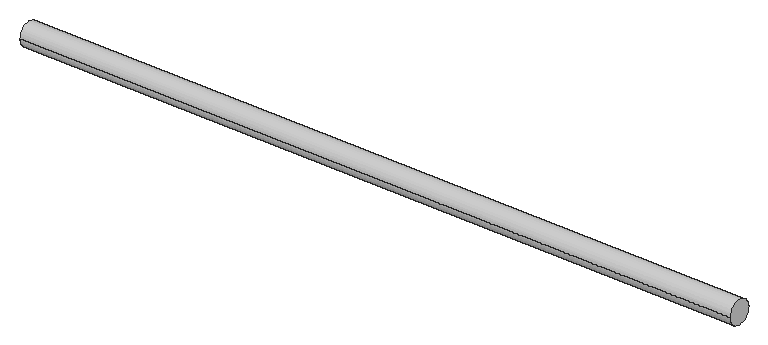
Revit family "M_Barras redondas", category Quadro estrutural, Revit 2019
Family settings
  Arredondamento do comprimento do framing estrutural = 0.10 mm
  Forma do corte = Barra redonda
  Material para o comportamento do modelo = Aço
  Exportar sempre como geometria = Não
  Family Name Key = M_Round Bars
  Número OmniClass = 23.25.30.11.14.14
  Título OmniClass = Beams
  ID de item do Seek = M_Round Bar-0000-USA-ENU
  Sempre na vertical = Sim
  Corte com vazios quando carregada = Não
  Representação simbólica = Das configurações de projeto
  Compartilhado = Não
  Exibir o pré-corte da família na vista da planta = Sim
Parameters (values of type "RB38.1")
  Torsional Moment of Inertia = 0 cm⁴
  Torsional Modulus = 0.0 mm³
  Structural Material [instance] = Aço ASTM A36
  Chave do nome do corte = "RB 1 1/2"
  Section Area = 1140.1 mm²
  Plastic Modulus weak axis = 9218.0 mm³
  Plastic Modulus strong axis = 9218.0 mm³
  Perimeter = 0.3937 (stored number, unit not read)
  Nominal Weight = 0 N/m
  Moment of Inertia weak axis = 10.344 cm⁴
  Moment of Inertia strong axis = 10.344 cm⁴
  Length [instance] = 1500.00 mm
  Elastic Modulus weak axis = 5430.0 mm³
  Elastic Modulus strong axis = 5430.0 mm³
  Diameter = 38.10 mm
  Centroid Vertical = Diameter / 2  # 19.05 mm
  Centroid Horizontal = Diameter / 2  # 19.05 mm
  Código de montagem = "B10"
Reference planes
  plane 1 "Centro (Frente/Trás)": y = 0
  plane 2: z = 0
  plane 3 "Centro (Esquerda/Direita)": x = 4.61
  plane 4 "Membro esquerdo": x = -604.99
  plane 5 "Membro direito": x = 614.21
  plane 6: y = 19.05
  plane 7: y = -19.05
  plane 8 "Superior": z = 19.05
  plane 9: z = -19.05
  plane 10 "Esquerda": x = -757.39
  plane 11 "Direita": x = 742.61
Forms (mm)
  Extrusion 1, solid, material "Aço ASTM A36" <- "Structural Material", detail levels medium+fine
    sketch origin (-757.39, 0, 0) x (0, -1, 0) y (0, 0, 1)
      loop
        circle (0, 0) r 19.05
    from -1371.6 to -152.4
Lines and regions (mm)
  symbolic lines, style "Símbolos de vara", detail levels coarse
    curve 1: arc (0, 19.05, 0) -> (0, 0, -19.05) -> (0, -19.05, 0) r 19.05
    curve 2: arc (0, -19.05, 0) -> (0, 0, 19.05) -> (0, 19.05, 0) r 19.05
Dimensions and locks
  "Diameter": plane 6 to plane 7
  "Diameter": plane 9 to plane 8 "Superior"
  equal spacing: plane 9, plane 2, plane 8 "Superior"
  equal spacing: plane 6, plane 1 "Centro (Frente/Trás)", plane 7
  "Length": plane 10 "Esquerda" to plane 11 "Direita"
  "Diameter": diameter of Extrusion 1 sketch curve
  aligned and locked: plane 1 "Centro (Frente/Trás)" to Extrusion 1 sketch curve
  aligned and locked: plane 2 to Extrusion 1 sketch curve
  aligned and locked: Extrusion 1 to plane 5 "Membro direito"
  aligned and locked: plane 4 "Membro esquerdo" to Extrusion 1
Automatic sketch dimensions
  curve 1 to level = 0.00 mm  (x2)
  curve 1 to plane 7 = 0.00 mm
  curve 1 to plane 1 "Centro (Frente/Trás)" = 0.00 mm
  curve 1 to curve 2 = 0.00 mm
  curve 2 to level = 0.00 mm
Types in the file's own list only (191): name | Momento de inércia de torção | Módulo de torção | Chave do nome do corte | Área de corte | Eixo fraco do módulo plástico | Eixo forte do módulo plástico | Perímetro | Peso nominal | Eixo fraco do momento de inércia | Eixo forte do momento de inércia | Eixo fraco do módulo de elasticidade | Eixo forte do módulo de elasticidade | Diâmetro | Centróide vertical | Centróide horizontal
  RB25.4 | 0.00 mm4 | 0.0 mm³ | "RB 1" | 506.7 mm² | 2731.0 mm³ | 2731.0 mm³ | 0.08 m²/m | 0.00 kgf/m | 20432.00 mm4 | 20432.00 mm4 | 1609.0 mm³ | 1609.0 mm³ | 25.4 mm | 12.7 mm | 12.7 mm
  RB26.99 | 0.00 mm4 | 0.0 mm³ | "RB 1 1/16" | 572.0 mm² | 3276.0 mm³ | 3276.0 mm³ | 0.08 m²/m | 0.00 kgf/m | 26039.00 mm4 | 26039.00 mm4 | 1930.0 mm³ | 1930.0 mm³ | 27.0 mm | 13.5 mm | 13.5 mm
  RB31.75 | 0.00 mm4 | 0.0 mm³ | "RB 1 1/4" | 791.7 mm² | 5334.0 mm³ | 5334.0 mm³ | 0.10 m²/m | 0.00 kgf/m | 49882.00 mm4 | 49882.00 mm4 | 3142.0 mm³ | 3142.0 mm³ | 31.8 mm | 15.9 mm | 15.9 mm
  RB28.58 | 0.00 mm4 | 0.0 mm³ | "RB 1 1/8" | 641.3 mm² | 3889.0 mm³ | 3889.0 mm³ | 0.09 m²/m | 0.00 kgf/m | 32728.00 mm4 | 32728.00 mm4 | 2291.0 mm³ | 2291.0 mm³ | 28.6 mm | 14.3 mm | 14.3 mm
  RB42.86 | 0.00 mm4 | 0.0 mm³ | "RB 1 11/16" | 1442.9 mm² | 13124.0 mm³ | 13124.0 mm³ | 0.13 m²/m | 0.00 kgf/m | 165684.00 mm4 | 165684.00 mm4 | 7731.0 mm³ | 7731.0 mm³ | 42.9 mm | 21.4 mm | 21.4 mm
  RB46.04 | 0.00 mm4 | 0.0 mm³ | "RB 1 13/16" | 1664.6 mm² | 16262.0 mm³ | 16262.0 mm³ | 0.14 m²/m | 0.00 kgf/m | 220504.00 mm4 | 220504.00 mm4 | 9579.0 mm³ | 9579.0 mm³ | 46.0 mm | 23.0 mm | 23.0 mm
  RB49.21 | 0.00 mm4 | 0.0 mm³ | "RB 1 15/16" | 1902.1 mm² | 19864.0 mm³ | 19864.0 mm³ | 0.15 m²/m | 0.00 kgf/m | 287920.00 mm4 | 287920.00 mm4 | 11701.0 mm³ | 11701.0 mm³ | 49.2 mm | 24.6 mm | 24.6 mm
  RB30.16 | 0.00 mm4 | 0.0 mm³ | "RB 1 3/16" | 714.5 mm² | 4574.0 mm³ | 4574.0 mm³ | 0.09 m²/m | 0.00 kgf/m | 40629.00 mm4 | 40629.00 mm4 | 2694.0 mm³ | 2694.0 mm³ | 30.2 mm | 15.1 mm | 15.1 mm
  RB44.45 | 0.00 mm4 | 0.0 mm³ | "RB 1 3/4" | 1551.8 mm² | 14637.0 mm³ | 14637.0 mm³ | 0.14 m²/m | 0.00 kgf/m | 191627.00 mm4 | 191627.00 mm4 | 8622.0 mm³ | 8622.0 mm³ | 44.5 mm | 22.2 mm | 22.2 mm
  RB34.93 | 0.00 mm4 | 0.0 mm³ | "RB 1 3/8" | 958.0 mm² | 7100.0 mm³ | 7100.0 mm³ | 0.11 m²/m | 0.00 kgf/m | 73032.00 mm4 | 73032.00 mm4 | 4182.0 mm³ | 4182.0 mm³ | 34.9 mm | 17.5 mm | 17.5 mm
  RB33.34 | 0.00 mm4 | 0.0 mm³ | "RB 1 5/16" | 872.9 mm² | 6175.0 mm³ | 6175.0 mm³ | 0.10 m²/m | 0.00 kgf/m | 60632.00 mm4 | 60632.00 mm4 | 3637.0 mm³ | 3637.0 mm³ | 33.3 mm | 16.7 mm | 16.7 mm
  RB41.28 | 0.00 mm4 | 0.0 mm³ | "RB 1 5/8" | 1338.0 mm² | 11720.0 mm³ | 11720.0 mm³ | 0.13 m²/m | 0.00 kgf/m | 142468.00 mm4 | 142468.00 mm4 | 6903.0 mm³ | 6903.0 mm³ | 41.3 mm | 20.6 mm | 20.6 mm
  RB36.51 | 0.00 mm4 | 0.0 mm³ | "RB 1 7/16" | 1047.1 mm² | 8113.0 mm³ | 8113.0 mm³ | 0.11 m²/m | 0.00 kgf/m | 87244.00 mm4 | 87244.00 mm4 | 4779.0 mm³ | 4779.0 mm³ | 36.5 mm | 18.3 mm | 18.3 mm
  RB47.63 | 0.00 mm4 | 0.0 mm³ | "RB 1 7/8" | 1781.4 mm² | 18003.0 mm³ | 18003.0 mm³ | 0.15 m²/m | 0.00 kgf/m | 252528.00 mm4 | 252528.00 mm4 | 10605.0 mm³ | 10605.0 mm³ | 47.6 mm | 23.8 mm | 23.8 mm
  RB39.69 | 0.00 mm4 | 0.0 mm³ | "RB 1 9/16" | 1237.1 mm² | 10419.0 mm³ | 10419.0 mm³ | 0.12 m²/m | 0.00 kgf/m | 121782.00 mm4 | 121782.00 mm4 | 6137.0 mm³ | 6137.0 mm³ | 39.7 mm | 19.8 mm | 19.8 mm
  RB1.59 | 0.00 mm4 | 0.0 mm³ | "RB 1/16" | 2.0 mm² | 0.7 mm³ | 0.7 mm³ | 0.01 m²/m | 0.00 kgf/m | 0.30 mm4 | 0.30 mm4 | 0.4 mm³ | 0.4 mm³ | 1.6 mm | 0.8 mm | 0.8 mm
  RB12.7 | 0.00 mm4 | 0.0 mm³ | "RB 1/2" | 126.7 mm² | 341.0 mm³ | 341.0 mm³ | 0.04 m²/m | 0.00 kgf/m | 1277.00 mm4 | 1277.00 mm4 | 201.0 mm³ | 201.0 mm³ | 12.7 mm | 6.4 mm | 6.4 mm
  RB6.35 | 0.00 mm4 | 0.0 mm³ | "RB 1/4" | 31.7 mm² | 43.0 mm³ | 43.0 mm³ | 0.02 m²/m | 0.00 kgf/m | 80.00 mm4 | 80.00 mm4 | 25.0 mm³ | 25.0 mm³ | 6.4 mm | 3.2 mm | 3.2 mm
  RB3.18 | 0.00 mm4 | 0.0 mm³ | "RB 1/8" | 7.9 mm² | 5.0 mm³ | 5.0 mm³ | 0.01 m²/m | 0.00 kgf/m | 5.00 mm4 | 5.00 mm4 | 3.0 mm³ | 3.0 mm³ | 3.2 mm | 1.6 mm | 1.6 mm
  RB254 | 0.00 mm4 | 0.0 mm³ | "RB 10" | 50670.7 mm² | 2731177.0 mm³ | 2731177.0 mm³ | 0.80 m²/m | 0.00 kgf/m | 204317123.00 mm4 | 204317123.00 mm4 | 1608796.0 mm³ | 1608796.0 mm³ | 254.0 mm | 127.0 mm | 127.0 mm
  RB255.59 | 0.00 mm4 | 0.0 mm³ | "RB 10 1/16" | 51306.1 mm² | 2782708.0 mm³ | 2782708.0 mm³ | 0.80 m²/m | 0.00 kgf/m | 209473138.00 mm4 | 209473138.00 mm4 | 1639150.0 mm³ | 1639150.0 mm³ | 255.6 mm | 127.8 mm | 127.8 mm
  RB266.7 | 0.00 mm4 | 0.0 mm³ | "RB 10 1/2" | 55864.5 mm² | 3161679.0 mm³ | 3161679.0 mm³ | 0.84 m²/m | 0.00 kgf/m | 248348740.00 mm4 | 248348740.00 mm4 | 1862383.0 mm³ | 1862383.0 mm³ | 266.7 mm | 133.4 mm | 133.4 mm
  RB260.35 | 0.00 mm4 | 0.0 mm³ | "RB 10 1/4" | 53236.0 mm² | 2941179.0 mm³ | 2941179.0 mm³ | 0.82 m²/m | 0.00 kgf/m | 225527874.00 mm4 | 225527874.00 mm4 | 1732498.0 mm³ | 1732498.0 mm³ | 260.4 mm | 130.2 mm | 130.2 mm
  RB257.18 | 0.00 mm4 | 0.0 mm³ | "RB 10 1/8" | 51945.4 mm² | 2834882.0 mm³ | 2834882.0 mm³ | 0.81 m²/m | 0.00 kgf/m | 214726128.00 mm4 | 214726128.00 mm4 | 1669883.0 mm³ | 1669883.0 mm³ | 257.2 mm | 128.6 mm | 128.6 mm
  RB271.46 | 0.00 mm4 | 0.0 mm³ | "RB 10 11/16" | 57877.5 mm² | 3334097.0 mm³ | 3334097.0 mm³ | 0.85 m²/m | 0.00 kgf/m | 266568775.00 mm4 | 266568775.00 mm4 | 1963945.0 mm³ | 1963945.0 mm³ | 271.5 mm | 135.7 mm | 135.7 mm
  RB274.64 | 0.00 mm4 | 0.0 mm³ | "RB 10 13/16" | 59239.3 mm² | 3452457.0 mm³ | 3452457.0 mm³ | 0.86 m²/m | 0.00 kgf/m | 279260330.00 mm4 | 279260330.00 mm4 | 2033665.0 mm³ | 2033665.0 mm³ | 274.6 mm | 137.3 mm | 137.3 mm
  RB277.81 | 0.00 mm4 | 0.0 mm³ | "RB 10 15/16" | 60616.9 mm² | 3573585.0 mm³ | 3573585.0 mm³ | 0.87 m²/m | 0.00 kgf/m | 292399772.00 mm4 | 292399772.00 mm4 | 2105015.0 mm³ | 2105015.0 mm³ | 277.8 mm | 138.9 mm | 138.9 mm
  RB258.76 | 0.00 mm4 | 0.0 mm³ | "RB 10 3/16" | 52588.7 mm² | 2887705.0 mm³ | 2887705.0 mm³ | 0.81 m²/m | 0.00 kgf/m | 220077301.00 mm4 | 220077301.00 mm4 | 1700998.0 mm³ | 1700998.0 mm³ | 258.8 mm | 129.4 mm | 129.4 mm
  RB273.05 | 0.00 mm4 | 0.0 mm³ | "RB 10 3/4" | 58556.4 mm² | 3392933.0 mm³ | 3392933.0 mm³ | 0.86 m²/m | 0.00 kgf/m | 272859213.00 mm4 | 272859213.00 mm4 | 1998603.0 mm³ | 1998603.0 mm³ | 273.1 mm | 136.5 mm | 136.5 mm
  RB263.53 | 0.00 mm4 | 0.0 mm³ | "RB 10 3/8" | 54542.3 mm² | 3050101.0 mm³ | 3050101.0 mm³ | 0.83 m²/m | 0.00 kgf/m | 236732120.00 mm4 | 236732120.00 mm4 | 1796658.0 mm³ | 1796658.0 mm³ | 263.5 mm | 131.8 mm | 131.8 mm
  RB261.94 | 0.00 mm4 | 0.0 mm³ | "RB 10 5/16" | 53887.2 mm² | 2995310.0 mm³ | 2995310.0 mm³ | 0.82 m²/m | 0.00 kgf/m | 231079070.00 mm4 | 231079070.00 mm4 | 1764383.0 mm³ | 1764383.0 mm³ | 261.9 mm | 131.0 mm | 131.0 mm
  RB269.88 | 0.00 mm4 | 0.0 mm³ | "RB 10 5/8" | 57202.5 mm² | 3275946.0 mm³ | 3275946.0 mm³ | 0.85 m²/m | 0.00 kgf/m | 260387733.00 mm4 | 260387733.00 mm4 | 1929691.0 mm³ | 1929691.0 mm³ | 269.9 mm | 134.9 mm | 134.9 mm
  RB265.11 | 0.00 mm4 | 0.0 mm³ | "RB 10 7/16" | 55201.4 mm² | 3105556.0 mm³ | 3105556.0 mm³ | 0.83 m²/m | 0.00 kgf/m | 242488261.00 mm4 | 242488261.00 mm4 | 1829323.0 mm³ | 1829323.0 mm³ | 265.1 mm | 132.6 mm | 132.6 mm
  RB276.23 | 0.00 mm4 | 0.0 mm³ | "RB 10 7/8" | 59926.1 mm² | 3512673.0 mm³ | 3512673.0 mm³ | 0.87 m²/m | 0.00 kgf/m | 285773417.00 mm4 | 285773417.00 mm4 | 2069135.0 mm³ | 2069135.0 mm³ | 276.2 mm | 138.1 mm | 138.1 mm
  RB268.29 | 0.00 mm4 | 0.0 mm³ | "RB 10 9/16" | 56531.5 mm² | 3218474.0 mm³ | 3218474.0 mm³ | 0.84 m²/m | 0.00 kgf/m | 254314811.00 mm4 | 254314811.00 mm4 | 1895838.0 mm³ | 1895838.0 mm³ | 268.3 mm | 134.1 mm | 134.1 mm
  RB279.4 | 0.00 mm4 | 0.0 mm³ | "RB 11" | 61311.6 mm² | 3635197.0 mm³ | 3635197.0 mm³ | 0.88 m²/m | 0.00 kgf/m | 299140700.00 mm4 | 299140700.00 mm4 | 2141308.0 mm³ | 2141308.0 mm³ | 279.4 mm | 139.7 mm | 139.7 mm
  RB280.99 | 0.00 mm4 | 0.0 mm³ | "RB 11 1/16" | 62010.3 mm² | 3697513.0 mm³ | 3697513.0 mm³ | 0.88 m²/m | 0.00 kgf/m | 305997515.00 mm4 | 305997515.00 mm4 | 2178015.0 mm³ | 2178015.0 mm³ | 281.0 mm | 140.5 mm | 140.5 mm
  RB292.1 | 0.00 mm4 | 0.0 mm³ | "RB 11 1/2" | 67012.1 mm² | 4153779.0 mm³ | 4153779.0 mm³ | 0.92 m²/m | 0.00 kgf/m | 357351926.00 mm4 | 357351926.00 mm4 | 2446778.0 mm³ | 2446778.0 mm³ | 292.1 mm | 146.1 mm | 146.1 mm
  RB285.75 | 0.00 mm4 | 0.0 mm³ | "RB 11 1/4" | 64130.2 mm² | 3888727.0 mm³ | 3888727.0 mm³ | 0.90 m²/m | 0.00 kgf/m | 327276525.00 mm4 | 327276525.00 mm4 | 2290649.0 mm³ | 2290649.0 mm³ | 285.8 mm | 142.9 mm | 142.9 mm
  RB282.58 | 0.00 mm4 | 0.0 mm³ | "RB 11 1/8" | 62713.0 mm² | 3760538.0 mm³ | 3760538.0 mm³ | 0.89 m²/m | 0.00 kgf/m | 312971538.00 mm4 | 312971538.00 mm4 | 2215140.0 mm³ | 2215140.0 mm³ | 282.6 mm | 141.3 mm | 141.3 mm
  RB296.86 | 0.00 mm4 | 0.0 mm³ | "RB 11 11/16" | 69215.1 mm² | 4360284.0 mm³ | 4360284.0 mm³ | 0.93 m²/m | 0.00 kgf/m | 381233679.00 mm4 | 381233679.00 mm4 | 2568419.0 mm³ | 2568419.0 mm³ | 296.9 mm | 148.4 mm | 148.4 mm
  RB300.04 | 0.00 mm4 | 0.0 mm³ | "RB 11 13/16" | 70703.5 mm² | 4501688.0 mm³ | 4501688.0 mm³ | 0.94 m²/m | 0.00 kgf/m | 397806661.00 mm4 | 397806661.00 mm4 | 2651713.0 mm³ | 2651713.0 mm³ | 300.0 mm | 150.0 mm | 150.0 mm
  RB303.21 | 0.00 mm4 | 0.0 mm³ | "RB 11 15/16" | 72207.8 mm² | 4646116.0 mm³ | 4646116.0 mm³ | 0.95 m²/m | 0.00 kgf/m | 414914205.00 mm4 | 414914205.00 mm4 | 2736788.0 mm³ | 2736788.0 mm³ | 303.2 mm | 151.6 mm | 151.6 mm
  RB284.16 | 0.00 mm4 | 0.0 mm³ | "RB 11 3/16" | 63419.6 mm² | 3824274.0 mm³ | 3824274.0 mm³ | 0.89 m²/m | 0.00 kgf/m | 320064096.00 mm4 | 320064096.00 mm4 | 2252684.0 mm³ | 2252684.0 mm³ | 284.2 mm | 142.1 mm | 142.1 mm
  RB298.45 | 0.00 mm4 | 0.0 mm³ | "RB 11 3/4" | 69957.3 mm² | 4430610.0 mm³ | 4430610.0 mm³ | 0.94 m²/m | 0.00 kgf/m | 389454056.00 mm4 | 389454056.00 mm4 | 2609845.0 mm³ | 2609845.0 mm³ | 298.5 mm | 149.2 mm | 149.2 mm
  RB288.93 | 0.00 mm4 | 0.0 mm³ | "RB 11 3/8" | 65563.2 mm² | 4019797.0 mm³ | 4019797.0 mm³ | 0.91 m²/m | 0.00 kgf/m | 342066376.00 mm4 | 342066376.00 mm4 | 2367856.0 mm³ | 2367856.0 mm³ | 288.9 mm | 144.5 mm | 144.5 mm
  RB287.34 | 0.00 mm4 | 0.0 mm³ | "RB 11 5/16" | 64844.7 mm² | 3953900.0 mm³ | 3953900.0 mm³ | 0.90 m²/m | 0.00 kgf/m | 334610168.00 mm4 | 334610168.00 mm4 | 2329039.0 mm³ | 2329039.0 mm³ | 287.3 mm | 143.7 mm | 143.7 mm
  RB295.28 | 0.00 mm4 | 0.0 mm³ | "RB 11 5/8" | 68476.8 mm² | 4290706.0 mm³ | 4290706.0 mm³ | 0.93 m²/m | 0.00 kgf/m | 373144128.00 mm4 | 373144128.00 mm4 | 2527435.0 mm³ | 2527435.0 mm³ | 295.3 mm | 147.6 mm | 147.6 mm
  RB290.51 | 0.00 mm4 | 0.0 mm³ | "RB 11 7/16" | 66285.7 mm² | 4086422.0 mm³ | 4086422.0 mm³ | 0.91 m²/m | 0.00 kgf/m | 349646507.00 mm4 | 349646507.00 mm4 | 2407101.0 mm³ | 2407101.0 mm³ | 290.5 mm | 145.3 mm | 145.3 mm
  RB301.63 | 0.00 mm4 | 0.0 mm³ | "RB 11 7/8" | 71453.7 mm² | 4573522.0 mm³ | 4573522.0 mm³ | 0.95 m²/m | 0.00 kgf/m | 406292905.00 mm4 | 406292905.00 mm4 | 2694027.0 mm³ | 2694027.0 mm³ | 301.6 mm | 150.8 mm | 150.8 mm
  RB293.69 | 0.00 mm4 | 0.0 mm³ | "RB 11 9/16" | 67742.4 mm² | 4221873.0 mm³ | 4221873.0 mm³ | 0.92 m²/m | 0.00 kgf/m | 365184006.00 mm4 | 365184006.00 mm4 | 2486888.0 mm³ | 2486888.0 mm³ | 293.7 mm | 146.8 mm | 146.8 mm
  RB17.46 | 0.00 mm4 | 0.0 mm³ | "RB 11/16" | 239.5 mm² | 887.0 mm³ | 887.0 mm³ | 0.05 m²/m | 0.00 kgf/m | 4565.00 mm4 | 4565.00 mm4 | 523.0 mm³ | 523.0 mm³ | 17.5 mm | 8.7 mm | 8.7 mm
  RB304.8 | 0.00 mm4 | 0.0 mm³ | "RB 12" | 72965.9 mm² | 4719474.0 mm³ | 4719474.0 mm³ | 0.96 m²/m | 0.00 kgf/m | 423671987.00 mm4 | 423671987.00 mm4 | 2780000.0 mm³ | 2780000.0 mm³ | 304.8 mm | 152.4 mm | 152.4 mm
  RB20.64 | 0.00 mm4 | 0.0 mm³ | "RB 13/16" | 334.5 mm² | 1465.0 mm³ | 1465.0 mm³ | 0.06 m²/m | 0.00 kgf/m | 8904.00 mm4 | 8904.00 mm4 | 863.0 mm³ | 863.0 mm³ | 20.6 mm | 10.3 mm | 10.3 mm
  RB23.81 | 0.00 mm4 | 0.0 mm³ | "RB 15/16" | 445.3 mm² | 2250.0 mm³ | 2250.0 mm³ | 0.07 m²/m | 0.00 kgf/m | 15783.00 mm4 | 15783.00 mm4 | 1326.0 mm³ | 1326.0 mm³ | 23.8 mm | 11.9 mm | 11.9 mm
  RB50.8 | 0.00 mm4 | 0.0 mm³ | "RB 2" | 2026.8 mm² | 21849.0 mm³ | 21849.0 mm³ | 0.16 m²/m | 0.00 kgf/m | 326907.00 mm4 | 326907.00 mm4 | 12870.0 mm³ | 12870.0 mm³ | 50.8 mm | 25.4 mm | 25.4 mm
  RB52.39 | 0.00 mm4 | 0.0 mm³ | "RB 2 1/16" | 2155.5 mm² | 23962.0 mm³ | 23962.0 mm³ | 0.16 m²/m | 0.00 kgf/m | 369727.00 mm4 | 369727.00 mm4 | 14115.0 mm³ | 14115.0 mm³ | 52.4 mm | 26.2 mm | 26.2 mm
  RB63.5 | 0.00 mm4 | 0.0 mm³ | "RB 2 1/2" | 3166.9 mm² | 42675.0 mm³ | 42675.0 mm³ | 0.20 m²/m | 0.00 kgf/m | 798114.00 mm4 | 798114.00 mm4 | 25137.0 mm³ | 25137.0 mm³ | 63.5 mm | 31.8 mm | 31.8 mm
  RB57.15 | 0.00 mm4 | 0.0 mm³ | "RB 2 1/4" | 2565.2 mm² | 31110.0 mm³ | 31110.0 mm³ | 0.18 m²/m | 0.00 kgf/m | 523642.00 mm4 | 523642.00 mm4 | 18325.0 mm³ | 18325.0 mm³ | 57.2 mm | 28.6 mm | 28.6 mm
  RB53.98 | 0.00 mm4 | 0.0 mm³ | "RB 2 1/8" | 2288.1 mm² | 26208.0 mm³ | 26208.0 mm³ | 0.17 m²/m | 0.00 kgf/m | 416620.00 mm4 | 416620.00 mm4 | 15438.0 mm³ | 15438.0 mm³ | 54.0 mm | 27.0 mm | 27.0 mm
  RB68.26 | 0.00 mm4 | 0.0 mm³ | "RB 2 11/16" | 3659.8 mm² | 53015.0 mm³ | 53015.0 mm³ | 0.21 m²/m | 0.00 kgf/m | 1065856.00 mm4 | 1065856.00 mm4 | 31228.0 mm³ | 31228.0 mm³ | 68.3 mm | 34.1 mm | 34.1 mm
  RB71.44 | 0.00 mm4 | 0.0 mm³ | "RB 2 13/16" | 4008.1 mm² | 60761.0 mm³ | 60761.0 mm³ | 0.22 m²/m | 0.00 kgf/m | 1278424.00 mm4 | 1278424.00 mm4 | 35791.0 mm³ | 35791.0 mm³ | 71.4 mm | 35.7 mm | 35.7 mm
  RB74.61 | 0.00 mm4 | 0.0 mm³ | "RB 2 15/16" | 4372.3 mm² | 69228.0 mm³ | 69228.0 mm³ | 0.23 m²/m | 0.00 kgf/m | 1521305.00 mm4 | 1521305.00 mm4 | 40779.0 mm³ | 40779.0 mm³ | 74.6 mm | 37.3 mm | 37.3 mm
  RB55.56 | 0.00 mm4 | 0.0 mm³ | "RB 2 3/16" | 2424.7 mm² | 28589.0 mm³ | 28589.0 mm³ | 0.17 m²/m | 0.00 kgf/m | 467840.00 mm4 | 467840.00 mm4 | 16840.0 mm³ | 16840.0 mm³ | 55.6 mm | 27.8 mm | 27.8 mm
  RB69.85 | 0.00 mm4 | 0.0 mm³ | "RB 2 3/4" | 3832.0 mm² | 56800.0 mm³ | 56800.0 mm³ | 0.22 m²/m | 0.00 kgf/m | 1168518.00 mm4 | 1168518.00 mm4 | 33458.0 mm³ | 33458.0 mm³ | 69.9 mm | 34.9 mm | 34.9 mm
  RB60.33 | 0.00 mm4 | 0.0 mm³ | "RB 2 3/8" | 2858.1 mm² | 36588.0 mm³ | 36588.0 mm³ | 0.19 m²/m | 0.00 kgf/m | 650069.00 mm4 | 650069.00 mm4 | 21552.0 mm³ | 21552.0 mm³ | 60.3 mm | 30.2 mm | 30.2 mm
  RB58.74 | 0.00 mm4 | 0.0 mm³ | "RB 2 5/16" | 2709.7 mm² | 33775.0 mm³ | 33775.0 mm³ | 0.18 m²/m | 0.00 kgf/m | 584294.00 mm4 | 584294.00 mm4 | 19895.0 mm³ | 19895.0 mm³ | 58.7 mm | 29.4 mm | 29.4 mm
  RB66.68 | 0.00 mm4 | 0.0 mm³ | "RB 2 5/8" | 3491.5 mm² | 49401.0 mm³ | 49401.0 mm³ | 0.21 m²/m | 0.00 kgf/m | 970112.00 mm4 | 970112.00 mm4 | 29100.0 mm³ | 29100.0 mm³ | 66.7 mm | 33.3 mm | 33.3 mm
  RB61.91 | 0.00 mm4 | 0.0 mm³ | "RB 2 7/16" | 3010.6 mm² | 39553.0 mm³ | 39553.0 mm³ | 0.19 m²/m | 0.00 kgf/m | 721246.00 mm4 | 721246.00 mm4 | 23299.0 mm³ | 23299.0 mm³ | 61.9 mm | 31.0 mm | 31.0 mm
  RB73.03 | 0.00 mm4 | 0.0 mm³ | "RB 2 7/8" | 4188.3 mm² | 64903.0 mm³ | 64903.0 mm³ | 0.23 m²/m | 0.00 kgf/m | 1395906.00 mm4 | 1395906.00 mm4 | 38231.0 mm³ | 38231.0 mm³ | 73.0 mm | 36.5 mm | 36.5 mm
  RB65.09 | 0.00 mm4 | 0.0 mm³ | "RB 2 9/16" | 3327.2 mm² | 45956.0 mm³ | 45956.0 mm³ | 0.20 m²/m | 0.00 kgf/m | 880968.00 mm4 | 880968.00 mm4 | 27070.0 mm³ | 27070.0 mm³ | 65.1 mm | 32.5 mm | 32.5 mm
  RB76.2 | 0.00 mm4 | 0.0 mm³ | "RB 3" | 4560.4 mm² | 73742.0 mm³ | 73742.0 mm³ | 0.24 m²/m | 0.00 kgf/m | 1654969.00 mm4 | 1654969.00 mm4 | 43437.0 mm³ | 43437.0 mm³ | 76.2 mm | 38.1 mm | 38.1 mm
  RB77.79 | 0.00 mm4 | 0.0 mm³ | "RB 3 1/16" | 4752.4 mm² | 78447.0 mm³ | 78447.0 mm³ | 0.24 m²/m | 0.00 kgf/m | 1797253.00 mm4 | 1797253.00 mm4 | 46209.0 mm³ | 46209.0 mm³ | 77.8 mm | 38.9 mm | 38.9 mm
  RB88.9 | 0.00 mm4 | 0.0 mm³ | "RB 3 1/2" | 6207.2 mm² | 117099.0 mm³ | 117099.0 mm³ | 0.28 m²/m | 0.00 kgf/m | 3066034.00 mm4 | 3066034.00 mm4 | 68977.0 mm³ | 68977.0 mm³ | 88.9 mm | 44.5 mm | 44.5 mm
  RB82.55 | 0.00 mm4 | 0.0 mm³ | "RB 3 1/4" | 5352.1 mm² | 93756.0 mm³ | 93756.0 mm³ | 0.26 m²/m | 0.00 kgf/m | 2279493.00 mm4 | 2279493.00 mm4 | 55227.0 mm³ | 55227.0 mm³ | 82.6 mm | 41.3 mm | 41.3 mm
  RB79.38 | 0.00 mm4 | 0.0 mm³ | "RB 3 1/8" | 4948.3 mm² | 83349.0 mm³ | 83349.0 mm³ | 0.25 m²/m | 0.00 kgf/m | 1948520.00 mm4 | 1948520.00 mm4 | 49097.0 mm³ | 49097.0 mm³ | 79.4 mm | 39.7 mm | 39.7 mm
  RB93.66 | 0.00 mm4 | 0.0 mm³ | "RB 3 11/16" | 6890.0 mm² | 136945.0 mm³ | 136945.0 mm³ | 0.29 m²/m | 0.00 kgf/m | 3777747.00 mm4 | 3777747.00 mm4 | 80667.0 mm³ | 80667.0 mm³ | 93.7 mm | 46.8 mm | 46.8 mm
  RB96.84 | 0.00 mm4 | 0.0 mm³ | "RB 3 13/16" | 7365.1 mm² | 151349.0 mm³ | 151349.0 mm³ | 0.30 m²/m | 0.00 kgf/m | 4316624.00 mm4 | 4316624.00 mm4 | 89152.0 mm³ | 89152.0 mm³ | 96.8 mm | 48.4 mm | 48.4 mm
  RB100.01 | 0.00 mm4 | 0.0 mm³ | "RB 3 15/16" | 7855.9 mm² | 166729.0 mm³ | 166729.0 mm³ | 0.31 m²/m | 0.00 kgf/m | 4911193.00 mm4 | 4911193.00 mm4 | 98212.0 mm³ | 98212.0 mm³ | 100.0 mm | 50.0 mm | 50.0 mm
  RB80.96 | 0.00 mm4 | 0.0 mm³ | "RB 3 3/16" | 5148.2 mm² | 88451.0 mm³ | 88451.0 mm³ | 0.25 m²/m | 0.00 kgf/m | 2109141.00 mm4 | 2109141.00 mm4 | 52102.0 mm³ | 52102.0 mm³ | 81.0 mm | 40.5 mm | 40.5 mm
  RB95.25 | 0.00 mm4 | 0.0 mm³ | "RB 3 3/4" | 7125.6 mm² | 144027.0 mm³ | 144027.0 mm³ | 0.30 m²/m | 0.00 kgf/m | 4040451.00 mm4 | 4040451.00 mm4 | 84839.0 mm³ | 84839.0 mm³ | 95.3 mm | 47.6 mm | 47.6 mm
  RB85.73 | 0.00 mm4 | 0.0 mm³ | "RB 3 3/8" | 5771.7 mm² | 104996.0 mm³ | 104996.0 mm³ | 0.27 m²/m | 0.00 kgf/m | 2650940.00 mm4 | 2650940.00 mm4 | 61848.0 mm³ | 61848.0 mm³ | 85.7 mm | 42.9 mm | 42.9 mm
  RB84.14 | 0.00 mm4 | 0.0 mm³ | "RB 3 5/16" | 5559.9 mm² | 99270.0 mm³ | 99270.0 mm³ | 0.26 m²/m | 0.00 kgf/m | 2459962.00 mm4 | 2459962.00 mm4 | 58475.0 mm³ | 58475.0 mm³ | 84.1 mm | 42.1 mm | 42.1 mm
  RB92.08 | 0.00 mm4 | 0.0 mm³ | "RB 3 5/8" | 6658.5 mm² | 130099.0 mm³ | 130099.0 mm³ | 0.29 m²/m | 0.00 kgf/m | 3528067.00 mm4 | 3528067.00 mm4 | 76635.0 mm³ | 76635.0 mm³ | 92.1 mm | 46.0 mm | 46.0 mm
  RB87.31 | 0.00 mm4 | 0.0 mm³ | "RB 3 7/16" | 5987.5 mm² | 110937.0 mm³ | 110937.0 mm³ | 0.27 m²/m | 0.00 kgf/m | 2852828.00 mm4 | 2852828.00 mm4 | 65348.0 mm³ | 65348.0 mm³ | 87.3 mm | 43.7 mm | 43.7 mm
  RB98.43 | 0.00 mm4 | 0.0 mm³ | "RB 3 7/8" | 7608.5 mm² | 158915.0 mm³ | 158915.0 mm³ | 0.31 m²/m | 0.00 kgf/m | 4606718.00 mm4 | 4606718.00 mm4 | 93609.0 mm³ | 93609.0 mm³ | 98.4 mm | 49.2 mm | 49.2 mm
  RB90.49 | 0.00 mm4 | 0.0 mm³ | "RB 3 9/16" | 6430.8 mm² | 123485.0 mm³ | 123485.0 mm³ | 0.28 m²/m | 0.00 kgf/m | 3290973.00 mm4 | 3290973.00 mm4 | 72739.0 mm³ | 72739.0 mm³ | 90.5 mm | 45.2 mm | 45.2 mm
  RB4.76 | 0.00 mm4 | 0.0 mm³ | "RB 3/16" | 17.8 mm² | 18.0 mm³ | 18.0 mm³ | 0.02 m²/m | 0.00 kgf/m | 25.00 mm4 | 25.00 mm4 | 11.0 mm³ | 11.0 mm³ | 4.8 mm | 2.4 mm | 2.4 mm
  RB19.05 | 0.00 mm4 | 0.0 mm³ | "RB 3/4" | 285.0 mm² | 1152.0 mm³ | 1152.0 mm³ | 0.06 m²/m | 0.00 kgf/m | 6465.00 mm4 | 6465.00 mm4 | 679.0 mm³ | 679.0 mm³ | 19.1 mm | 9.5 mm | 9.5 mm
  RB9.53 | 0.00 mm4 | 0.0 mm³ | "RB 3/8" | 71.3 mm² | 144.0 mm³ | 144.0 mm³ | 0.03 m²/m | 0.00 kgf/m | 404.00 mm4 | 404.00 mm4 | 85.0 mm³ | 85.0 mm³ | 9.5 mm | 4.8 mm | 4.8 mm
  RB101.6 | 0.00 mm4 | 0.0 mm³ | "RB 4" | 8107.3 mm² | 174795.0 mm³ | 174795.0 mm³ | 0.32 m²/m | 0.00 kgf/m | 5230518.00 mm4 | 5230518.00 mm4 | 102963.0 mm³ | 102963.0 mm³ | 101.6 mm | 50.8 mm | 50.8 mm
  RB103.19 | 0.00 mm4 | 0.0 mm³ | "RB 4 1/16" | 8362.7 mm² | 183118.0 mm³ | 183118.0 mm³ | 0.32 m²/m | 0.00 kgf/m | 5565168.00 mm4 | 5565168.00 mm4 | 107865.0 mm³ | 107865.0 mm³ | 103.2 mm | 51.6 mm | 51.6 mm
  RB114.3 | 0.00 mm4 | 0.0 mm³ | "RB 4 1/2" | 10260.8 mm² | 248879.0 mm³ | 248879.0 mm³ | 0.36 m²/m | 0.00 kgf/m | 8378279.00 mm4 | 8378279.00 mm4 | 146602.0 mm³ | 146602.0 mm³ | 114.3 mm | 57.2 mm | 57.2 mm
  RB107.95 | 0.00 mm4 | 0.0 mm³ | "RB 4 1/4" | 9152.4 mm² | 209661.0 mm³ | 209661.0 mm³ | 0.34 m²/m | 0.00 kgf/m | 6665926.00 mm4 | 6665926.00 mm4 | 123500.0 mm³ | 123500.0 mm³ | 108.0 mm | 54.0 mm | 54.0 mm
  RB104.78 | 0.00 mm4 | 0.0 mm³ | "RB 4 1/8" | 8621.9 mm² | 191700.0 mm³ | 191700.0 mm³ | 0.33 m²/m | 0.00 kgf/m | 5915624.00 mm4 | 5915624.00 mm4 | 112921.0 mm³ | 112921.0 mm³ | 104.8 mm | 52.4 mm | 52.4 mm
  RB119.06 | 0.00 mm4 | 0.0 mm³ | "RB 4 11/16" | 11133.7 mm² | 281303.0 mm³ | 281303.0 mm³ | 0.37 m²/m | 0.00 kgf/m | 9864382.00 mm4 | 9864382.00 mm4 | 165701.0 mm³ | 165701.0 mm³ | 119.1 mm | 59.5 mm | 59.5 mm
  RB122.24 | 0.00 mm4 | 0.0 mm³ | "RB 4 13/16" | 11735.4 mm² | 304412.0 mm³ | 304412.0 mm³ | 0.38 m²/m | 0.00 kgf/m | 10959424.00 mm4 | 10959424.00 mm4 | 179314.0 mm³ | 179314.0 mm³ | 122.2 mm | 61.1 mm | 61.1 mm
  RB125.41 | 0.00 mm4 | 0.0 mm³ | "RB 4 15/16" | 12353.0 mm² | 328754.0 mm³ | 328754.0 mm³ | 0.39 m²/m | 0.00 kgf/m | 12143201.00 mm4 | 12143201.00 mm4 | 193652.0 mm³ | 193652.0 mm³ | 125.4 mm | 62.7 mm | 62.7 mm
  RB106.36 | 0.00 mm4 | 0.0 mm³ | "RB 4 3/16" | 8885.2 mm² | 200546.0 mm³ | 200546.0 mm³ | 0.33 m²/m | 0.00 kgf/m | 6282378.00 mm4 | 6282378.00 mm4 | 118131.0 mm³ | 118131.0 mm³ | 106.4 mm | 53.2 mm | 53.2 mm
  RB120.65 | 0.00 mm4 | 0.0 mm³ | "RB 4 3/4" | 11432.6 mm² | 292705.0 mm³ | 292705.0 mm³ | 0.38 m²/m | 0.00 kgf/m | 10401098.00 mm4 | 10401098.00 mm4 | 172418.0 mm³ | 172418.0 mm³ | 120.7 mm | 60.3 mm | 60.3 mm
  RB111.13 | 0.00 mm4 | 0.0 mm³ | "RB 4 3/8" | 9698.7 mm² | 228709.0 mm³ | 228709.0 mm³ | 0.35 m²/m | 0.00 kgf/m | 7485434.00 mm4 | 7485434.00 mm4 | 134721.0 mm³ | 134721.0 mm³ | 111.1 mm | 55.6 mm | 55.6 mm
  RB109.54 | 0.00 mm4 | 0.0 mm³ | "RB 4 5/16" | 9423.6 mm² | 219047.0 mm³ | 219047.0 mm³ | 0.34 m²/m | 0.00 kgf/m | 7066774.00 mm4 | 7066774.00 mm4 | 129029.0 mm³ | 129029.0 mm³ | 109.5 mm | 54.8 mm | 54.8 mm
  RB117.48 | 0.00 mm4 | 0.0 mm³ | "RB 4 5/8" | 10838.8 mm² | 270200.0 mm³ | 270200.0 mm³ | 0.37 m²/m | 0.00 kgf/m | 9348711.00 mm4 | 9348711.00 mm4 | 159161.0 mm³ | 159161.0 mm³ | 117.5 mm | 58.7 mm | 58.7 mm
  RB112.71 | 0.00 mm4 | 0.0 mm³ | "RB 4 7/16" | 9977.8 mm² | 238652.0 mm³ | 238652.0 mm³ | 0.35 m²/m | 0.00 kgf/m | 7922427.00 mm4 | 7922427.00 mm4 | 140578.0 mm³ | 140578.0 mm³ | 112.7 mm | 56.4 mm | 56.4 mm
  RB123.83 | 0.00 mm4 | 0.0 mm³ | "RB 4 7/8" | 12042.2 mm² | 316427.0 mm³ | 316427.0 mm³ | 0.39 m²/m | 0.00 kgf/m | 11539932.00 mm4 | 11539932.00 mm4 | 186391.0 mm³ | 186391.0 mm³ | 123.8 mm | 61.9 mm | 61.9 mm
  RB115.89 | 0.00 mm4 | 0.0 mm³ | "RB 4 9/16" | 10547.8 mm² | 259393.0 mm³ | 259393.0 mm³ | 0.36 m²/m | 0.00 kgf/m | 8853526.00 mm4 | 8853526.00 mm4 | 152795.0 mm³ | 152795.0 mm³ | 115.9 mm | 57.9 mm | 57.9 mm
  RB127 | 0.00 mm4 | 0.0 mm³ | "RB 5" | 12667.7 mm² | 341397.0 mm³ | 341397.0 mm³ | 0.40 m²/m | 0.00 kgf/m | 12769820.00 mm4 | 12769820.00 mm4 | 201100.0 mm³ | 201100.0 mm³ | 127.0 mm | 63.5 mm | 63.5 mm
  RB128.59 | 0.00 mm4 | 0.0 mm³ | "RB 5 1/16" | 12986.4 mm² | 354360.0 mm³ | 354360.0 mm³ | 0.40 m²/m | 0.00 kgf/m | 13420383.00 mm4 | 13420383.00 mm4 | 208735.0 mm³ | 208735.0 mm³ | 128.6 mm | 64.3 mm | 64.3 mm
  RB139.7 | 0.00 mm4 | 0.0 mm³ | "RB 5 1/2" | 15327.9 mm² | 454400.0 mm³ | 454400.0 mm³ | 0.44 m²/m | 0.00 kgf/m | 18696294.00 mm4 | 18696294.00 mm4 | 267663.0 mm³ | 267663.0 mm³ | 139.7 mm | 69.9 mm | 69.9 mm
  RB133.35 | 0.00 mm4 | 0.0 mm³ | "RB 5 1/4" | 13966.1 mm² | 395210.0 mm³ | 395210.0 mm³ | 0.42 m²/m | 0.00 kgf/m | 15521796.00 mm4 | 15521796.00 mm4 | 232798.0 mm³ | 232798.0 mm³ | 133.4 mm | 66.7 mm | 66.7 mm
  RB130.18 | 0.00 mm4 | 0.0 mm³ | "RB 5 1/8" | 13309.0 mm² | 367647.0 mm³ | 367647.0 mm³ | 0.41 m²/m | 0.00 kgf/m | 14095492.00 mm4 | 14095492.00 mm4 | 216562.0 mm³ | 216562.0 mm³ | 130.2 mm | 65.1 mm | 65.1 mm
  RB144.46 | 0.00 mm4 | 0.0 mm³ | "RB 5 11/16" | 16390.8 mm² | 502475.0 mm³ | 502475.0 mm³ | 0.45 m²/m | 0.00 kgf/m | 21379148.00 mm4 | 21379148.00 mm4 | 295982.0 mm³ | 295982.0 mm³ | 144.5 mm | 72.2 mm | 72.2 mm
  RB147.64 | 0.00 mm4 | 0.0 mm³ | "RB 5 13/16" | 17119.2 mm² | 536338.0 mm³ | 536338.0 mm³ | 0.46 m²/m | 0.00 kgf/m | 23321508.00 mm4 | 23321508.00 mm4 | 315929.0 mm³ | 315929.0 mm³ | 147.6 mm | 73.8 mm | 73.8 mm
  RB150.81 | 0.00 mm4 | 0.0 mm³ | "RB 5 15/16" | 17863.4 mm² | 571690.0 mm³ | 571690.0 mm³ | 0.47 m²/m | 0.00 kgf/m | 25393307.00 mm4 | 25393307.00 mm4 | 336753.0 mm³ | 336753.0 mm³ | 150.8 mm | 75.4 mm | 75.4 mm
  RB131.76 | 0.00 mm4 | 0.0 mm³ | "RB 5 3/16" | 13635.6 mm² | 381263.0 mm³ | 381263.0 mm³ | 0.41 m²/m | 0.00 kgf/m | 14795757.00 mm4 | 14795757.00 mm4 | 224582.0 mm³ | 224582.0 mm³ | 131.8 mm | 65.9 mm | 65.9 mm
  RB146.05 | 0.00 mm4 | 0.0 mm³ | "RB 5 3/4" | 16753.0 mm² | 519222.0 mm³ | 519222.0 mm³ | 0.46 m²/m | 0.00 kgf/m | 22334495.00 mm4 | 22334495.00 mm4 | 305847.0 mm³ | 305847.0 mm³ | 146.1 mm | 73.0 mm | 73.0 mm
  RB136.53 | 0.00 mm4 | 0.0 mm³ | "RB 5 3/8" | 14639.1 mm² | 424117.0 mm³ | 424117.0 mm³ | 0.43 m²/m | 0.00 kgf/m | 17053701.00 mm4 | 17053701.00 mm4 | 249825.0 mm³ | 249825.0 mm³ | 136.5 mm | 68.3 mm | 68.3 mm
  RB134.94 | 0.00 mm4 | 0.0 mm³ | "RB 5 5/16" | 14300.6 mm² | 409493.0 mm³ | 409493.0 mm³ | 0.42 m²/m | 0.00 kgf/m | 16274233.00 mm4 | 16274233.00 mm4 | 241211.0 mm³ | 241211.0 mm³ | 134.9 mm | 67.5 mm | 67.5 mm
  RB142.88 | 0.00 mm4 | 0.0 mm³ | "RB 5 5/8" | 16032.5 mm² | 486091.0 mm³ | 486091.0 mm³ | 0.45 m²/m | 0.00 kgf/m | 20454783.00 mm4 | 20454783.00 mm4 | 286331.0 mm³ | 286331.0 mm³ | 142.9 mm | 71.4 mm | 71.4 mm
  RB138.11 | 0.00 mm4 | 0.0 mm³ | "RB 5 7/16" | 14981.5 mm² | 439084.0 mm³ | 439084.0 mm³ | 0.43 m²/m | 0.00 kgf/m | 17860839.00 mm4 | 17860839.00 mm4 | 258642.0 mm³ | 258642.0 mm³ | 138.1 mm | 69.1 mm | 69.1 mm
  RB149.23 | 0.00 mm4 | 0.0 mm³ | "RB 5 7/8" | 17489.3 mm² | 553826.0 mm³ | 553826.0 mm³ | 0.47 m²/m | 0.00 kgf/m | 24340879.00 mm4 | 24340879.00 mm4 | 326231.0 mm³ | 326231.0 mm³ | 149.2 mm | 74.6 mm | 74.6 mm
  RB141.29 | 0.00 mm4 | 0.0 mm³ | "RB 5 9/16" | 15678.2 mm² | 470067.0 mm³ | 470067.0 mm³ | 0.44 m²/m | 0.00 kgf/m | 19560721.00 mm4 | 19560721.00 mm4 | 276892.0 mm³ | 276892.0 mm³ | 141.3 mm | 70.6 mm | 70.6 mm
  RB7.94 | 0.00 mm4 | 0.0 mm³ | "RB 5/16" | 49.5 mm² | 83.0 mm³ | 83.0 mm³ | 0.02 m²/m | 0.00 kgf/m | 195.00 mm4 | 195.00 mm4 | 49.0 mm³ | 49.0 mm³ | 7.9 mm | 4.0 mm | 4.0 mm
  RB15.88 | 0.00 mm4 | 0.0 mm³ | "RB 5/8" | 197.9 mm² | 667.0 mm³ | 667.0 mm³ | 0.05 m²/m | 0.00 kgf/m | 3118.00 mm4 | 3118.00 mm4 | 393.0 mm³ | 393.0 mm³ | 15.9 mm | 7.9 mm | 7.9 mm
  RB152.4 | 0.00 mm4 | 0.0 mm³ | "RB 6" | 18241.5 mm² | 589934.0 mm³ | 589934.0 mm³ | 0.48 m²/m | 0.00 kgf/m | 26479499.00 mm4 | 26479499.00 mm4 | 347500.0 mm³ | 347500.0 mm³ | 152.4 mm | 76.2 mm | 76.2 mm
  RB153.99 | 0.00 mm4 | 0.0 mm³ | "RB 6 1/16" | 18623.5 mm² | 608562.0 mm³ | 608562.0 mm³ | 0.48 m²/m | 0.00 kgf/m | 27600171.00 mm4 | 27600171.00 mm4 | 358473.0 mm³ | 358473.0 mm³ | 154.0 mm | 77.0 mm | 77.0 mm
  RB165.1 | 0.00 mm4 | 0.0 mm³ | "RB 6 1/2" | 21408.4 mm² | 750050.0 mm³ | 750050.0 mm³ | 0.52 m²/m | 0.00 kgf/m | 36471883.00 mm4 | 36471883.00 mm4 | 441816.0 mm³ | 441816.0 mm³ | 165.1 mm | 82.6 mm | 82.6 mm
  RB158.75 | 0.00 mm4 | 0.0 mm³ | "RB 6 1/4" | 19793.3 mm² | 666791.0 mm³ | 666791.0 mm³ | 0.50 m²/m | 0.00 kgf/m | 31176319.00 mm4 | 31176319.00 mm4 | 392773.0 mm³ | 392773.0 mm³ | 158.8 mm | 79.4 mm | 79.4 mm
  RB155.58 | 0.00 mm4 | 0.0 mm³ | "RB 6 1/8" | 19009.4 mm² | 627579.0 mm³ | 627579.0 mm³ | 0.49 m²/m | 0.00 kgf/m | 28756044.00 mm4 | 28756044.00 mm4 | 369674.0 mm³ | 369674.0 mm³ | 155.6 mm | 77.8 mm | 77.8 mm
  RB169.86 | 0.00 mm4 | 0.0 mm³ | "RB 6 11/16" | 22661.3 mm² | 816848.0 mm³ | 816848.0 mm³ | 0.53 m²/m | 0.00 kgf/m | 40865794.00 mm4 | 40865794.00 mm4 | 481163.0 mm³ | 481163.0 mm³ | 169.9 mm | 84.9 mm | 84.9 mm
  RB173.04 | 0.00 mm4 | 0.0 mm³ | "RB 6 13/16" | 23516.4 mm² | 863514.0 mm³ | 863514.0 mm³ | 0.54 m²/m | 0.00 kgf/m | 44007918.00 mm4 | 44007918.00 mm4 | 508652.0 mm³ | 508652.0 mm³ | 173.0 mm | 86.5 mm | 86.5 mm
  RB176.21 | 0.00 mm4 | 0.0 mm³ | "RB 6 15/16" | 24387.3 mm² | 911925.0 mm³ | 911925.0 mm³ | 0.55 m²/m | 0.00 kgf/m | 47327847.00 mm4 | 47327847.00 mm4 | 537168.0 mm³ | 537168.0 mm³ | 176.2 mm | 88.1 mm | 88.1 mm
  RB157.16 | 0.00 mm4 | 0.0 mm³ | "RB 6 3/16" | 19399.4 mm² | 646987.0 mm³ | 646987.0 mm³ | 0.49 m²/m | 0.00 kgf/m | 29947848.00 mm4 | 29947848.00 mm4 | 381107.0 mm³ | 381107.0 mm³ | 157.2 mm | 78.6 mm | 78.6 mm
  RB171.45 | 0.00 mm4 | 0.0 mm³ | "RB 6 3/4" | 23086.9 mm² | 839965.0 mm³ | 839965.0 mm³ | 0.54 m²/m | 0.00 kgf/m | 42415038.00 mm4 | 42415038.00 mm4 | 494780.0 mm³ | 494780.0 mm³ | 171.5 mm | 85.7 mm | 85.7 mm
  RB161.93 | 0.00 mm4 | 0.0 mm³ | "RB 6 3/8" | 20592.9 mm² | 707604.0 mm³ | 707604.0 mm³ | 0.51 m²/m | 0.00 kgf/m | 33746250.00 mm4 | 33746250.00 mm4 | 416813.0 mm³ | 416813.0 mm³ | 161.9 mm | 81.0 mm | 81.0 mm
  RB160.34 | 0.00 mm4 | 0.0 mm³ | "RB 6 5/16" | 20191.1 mm² | 686996.0 mm³ | 686996.0 mm³ | 0.50 m²/m | 0.00 kgf/m | 32442202.00 mm4 | 32442202.00 mm4 | 404674.0 mm³ | 404674.0 mm³ | 160.3 mm | 80.2 mm | 80.2 mm
  RB168.28 | 0.00 mm4 | 0.0 mm³ | "RB 6 5/8" | 22239.7 mm² | 794159.0 mm³ | 794159.0 mm³ | 0.53 m²/m | 0.00 kgf/m | 39359384.00 mm4 | 39359384.00 mm4 | 467798.0 mm³ | 467798.0 mm³ | 168.3 mm | 84.1 mm | 84.1 mm
  RB163.51 | 0.00 mm4 | 0.0 mm³ | "RB 6 7/16" | 20998.7 mm² | 728621.0 mm³ | 728621.0 mm³ | 0.51 m²/m | 0.00 kgf/m | 35089222.00 mm4 | 35089222.00 mm4 | 429193.0 mm³ | 429193.0 mm³ | 163.5 mm | 81.8 mm | 81.8 mm
  RB174.63 | 0.00 mm4 | 0.0 mm³ | "RB 6 7/8" | 23949.8 mm² | 887499.0 mm³ | 887499.0 mm³ | 0.55 m²/m | 0.00 kgf/m | 45645248.00 mm4 | 45645248.00 mm4 | 522780.0 mm³ | 522780.0 mm³ | 174.6 mm | 87.3 mm | 87.3 mm
  RB166.69 | 0.00 mm4 | 0.0 mm³ | "RB 6 9/16" | 21822.1 mm² | 771894.0 mm³ | 771894.0 mm³ | 0.52 m²/m | 0.00 kgf/m | 37895010.00 mm4 | 37895010.00 mm4 | 454683.0 mm³ | 454683.0 mm³ | 166.7 mm | 83.3 mm | 83.3 mm
  RB177.8 | 0.00 mm4 | 0.0 mm³ | "RB 7" | 24828.7 mm² | 936794.0 mm³ | 936794.0 mm³ | 0.56 m²/m | 0.00 kgf/m | 49056541.00 mm4 | 49056541.00 mm4 | 551817.0 mm³ | 551817.0 mm³ | 177.8 mm | 88.9 mm | 88.9 mm
  RB179.39 | 0.00 mm4 | 0.0 mm³ | "RB 7 1/16" | 25274.0 mm² | 962111.0 mm³ | 962111.0 mm³ | 0.56 m²/m | 0.00 kgf/m | 50832165.00 mm4 | 50832165.00 mm4 | 566730.0 mm³ | 566730.0 mm³ | 179.4 mm | 89.7 mm | 89.7 mm
  RB190.5 | 0.00 mm4 | 0.0 mm³ | "RB 7 1/2" | 28502.3 mm² | 1152215.0 mm³ | 1152215.0 mm³ | 0.60 m²/m | 0.00 kgf/m | 64647215.00 mm4 | 64647215.00 mm4 | 678711.0 mm³ | 678711.0 mm³ | 190.5 mm | 95.3 mm | 95.3 mm
  RB184.15 | 0.00 mm4 | 0.0 mm³ | "RB 7 1/4" | 26633.8 mm² | 1040792.0 mm³ | 1040792.0 mm³ | 0.58 m²/m | 0.00 kgf/m | 56449070.00 mm4 | 56449070.00 mm4 | 613077.0 mm³ | 613077.0 mm³ | 184.2 mm | 92.1 mm | 92.1 mm
  RB180.98 | 0.00 mm4 | 0.0 mm³ | "RB 7 1/8" | 25723.3 mm² | 987881.0 mm³ | 987881.0 mm³ | 0.57 m²/m | 0.00 kgf/m | 52655560.00 mm4 | 52655560.00 mm4 | 581910.0 mm³ | 581910.0 mm³ | 181.0 mm | 90.5 mm | 90.5 mm
  RB195.26 | 0.00 mm4 | 0.0 mm³ | "RB 7 11/16" | 29945.2 mm² | 1240810.0 mm³ | 1240810.0 mm³ | 0.61 m²/m | 0.00 kgf/m | 71358429.00 mm4 | 71358429.00 mm4 | 730897.0 mm³ | 730897.0 mm³ | 195.3 mm | 97.6 mm | 97.6 mm
  RB198.44 | 0.00 mm4 | 0.0 mm³ | "RB 7 13/16" | 30927.0 mm² | 1302327.0 mm³ | 1302327.0 mm³ | 0.62 m²/m | 0.00 kgf/m | 76114060.00 mm4 | 76114060.00 mm4 | 767134.0 mm³ | 767134.0 mm³ | 198.4 mm | 99.2 mm | 99.2 mm
  RB201.61 | 0.00 mm4 | 0.0 mm³ | "RB 7 15/16" | 31924.6 mm² | 1365844.0 mm³ | 1365844.0 mm³ | 0.63 m²/m | 0.00 kgf/m | 81103523.00 mm4 | 81103523.00 mm4 | 804549.0 mm³ | 804549.0 mm³ | 201.6 mm | 100.8 mm | 100.8 mm
  RB182.56 | 0.00 mm4 | 0.0 mm³ | "RB 7 3/16" | 26176.6 mm² | 1014106.0 mm³ | 1014106.0 mm³ | 0.57 m²/m | 0.00 kgf/m | 54527577.00 mm4 | 54527577.00 mm4 | 597358.0 mm³ | 597358.0 mm³ | 182.6 mm | 91.3 mm | 91.3 mm
  RB196.85 | 0.00 mm4 | 0.0 mm³ | "RB 7 3/4" | 30434.1 mm² | 1271320.0 mm³ | 1271320.0 mm³ | 0.62 m²/m | 0.00 kgf/m | 73707482.00 mm4 | 73707482.00 mm4 | 748870.0 mm³ | 748870.0 mm³ | 196.9 mm | 98.4 mm | 98.4 mm
  RB187.33 | 0.00 mm4 | 0.0 mm³ | "RB 7 3/8" | 27560.1 mm² | 1095560.0 mm³ | 1095560.0 mm³ | 0.59 m²/m | 0.00 kgf/m | 60443954.00 mm4 | 60443954.00 mm4 | 645338.0 mm³ | 645338.0 mm³ | 187.3 mm | 93.7 mm | 93.7 mm
  RB185.74 | 0.00 mm4 | 0.0 mm³ | "RB 7 5/16" | 27095.0 mm² | 1067942.0 mm³ | 1067942.0 mm³ | 0.58 m²/m | 0.00 kgf/m | 58420905.00 mm4 | 58420905.00 mm4 | 629070.0 mm³ | 629070.0 mm³ | 185.7 mm | 92.9 mm | 92.9 mm
  RB193.68 | 0.00 mm4 | 0.0 mm³ | "RB 7 5/8" | 29460.3 mm² | 1210792.0 mm³ | 1210792.0 mm³ | 0.61 m²/m | 0.00 kgf/m | 69065977.00 mm4 | 69065977.00 mm4 | 713215.0 mm³ | 713215.0 mm³ | 193.7 mm | 96.8 mm | 96.8 mm
  RB188.91 | 0.00 mm4 | 0.0 mm³ | "RB 7 7/16" | 28029.2 mm² | 1123649.0 mm³ | 1123649.0 mm³ | 0.59 m²/m | 0.00 kgf/m | 62519095.00 mm4 | 62519095.00 mm4 | 661884.0 mm³ | 661884.0 mm³ | 188.9 mm | 94.5 mm | 94.5 mm
  RB200.03 | 0.00 mm4 | 0.0 mm³ | "RB 7 7/8" | 31423.8 mm² | 1333833.0 mm³ | 1333833.0 mm³ | 0.63 m²/m | 0.00 kgf/m | 78579094.00 mm4 | 78579094.00 mm4 | 785693.0 mm³ | 785693.0 mm³ | 200.0 mm | 100.0 mm | 100.0 mm
  RB192.09 | 0.00 mm4 | 0.0 mm³ | "RB 7 9/16" | 28979.3 mm² | 1181262.0 mm³ | 1181262.0 mm³ | 0.60 m²/m | 0.00 kgf/m | 66829208.00 mm4 | 66829208.00 mm4 | 695820.0 mm³ | 695820.0 mm³ | 192.1 mm | 96.0 mm | 96.0 mm
  RB11.11 | 0.00 mm4 | 0.0 mm³ | "RB 7/16" | 97.0 mm² | 229.0 mm³ | 229.0 mm³ | 0.03 m²/m | 0.00 kgf/m | 749.00 mm4 | 749.00 mm4 | 135.0 mm³ | 135.0 mm³ | 11.1 mm | 5.6 mm | 5.6 mm
  RB22.23 | 0.00 mm4 | 0.0 mm³ | "RB 7/8" | 387.9 mm² | 1830.0 mm³ | 1830.0 mm³ | 0.07 m²/m | 0.00 kgf/m | 11977.00 mm4 | 11977.00 mm4 | 1078.0 mm³ | 1078.0 mm³ | 22.2 mm | 11.1 mm | 11.1 mm
  RB203.2 | 0.00 mm4 | 0.0 mm³ | "RB 8" | 32429.3 mm² | 1398363.0 mm³ | 1398363.0 mm³ | 0.64 m²/m | 0.00 kgf/m | 83688294.00 mm4 | 83688294.00 mm4 | 823704.0 mm³ | 823704.0 mm³ | 203.2 mm | 101.6 mm | 101.6 mm
  RB204.79 | 0.00 mm4 | 0.0 mm³ | "RB 8 1/16" | 32938.0 mm² | 1431394.0 mm³ | 1431394.0 mm³ | 0.64 m²/m | 0.00 kgf/m | 86334360.00 mm4 | 86334360.00 mm4 | 843160.0 mm³ | 843160.0 mm³ | 204.8 mm | 102.4 mm | 102.4 mm
  RB215.9 | 0.00 mm4 | 0.0 mm³ | "RB 8 1/2" | 36609.6 mm² | 1677284.0 mm³ | 1677284.0 mm³ | 0.68 m²/m | 0.00 kgf/m | 106654815.00 mm4 | 106654815.00 mm4 | 988002.0 mm³ | 988002.0 mm³ | 215.9 mm | 108.0 mm | 108.0 mm
  RB209.55 | 0.00 mm4 | 0.0 mm³ | "RB 8 1/4" | 34487.8 mm² | 1533599.0 mm³ | 1533599.0 mm³ | 0.66 m²/m | 0.00 kgf/m | 94649987.00 mm4 | 94649987.00 mm4 | 903364.0 mm³ | 903364.0 mm³ | 209.6 mm | 104.8 mm | 104.8 mm
  RB206.38 | 0.00 mm4 | 0.0 mm³ | "RB 8 1/8" | 33450.6 mm² | 1464941.0 mm³ | 1464941.0 mm³ | 0.65 m²/m | 0.00 kgf/m | 89042684.00 mm4 | 89042684.00 mm4 | 862921.0 mm³ | 862921.0 mm³ | 206.4 mm | 103.2 mm | 103.2 mm
  RB220.66 | 0.00 mm4 | 0.0 mm³ | "RB 8 11/16" | 38242.6 mm² | 1790747.0 mm³ | 1790747.0 mm³ | 0.69 m²/m | 0.00 kgf/m | 116381523.00 mm4 | 116381523.00 mm4 | 1054837.0 mm³ | 1054837.0 mm³ | 220.7 mm | 110.3 mm | 110.3 mm
  RB223.84 | 0.00 mm4 | 0.0 mm³ | "RB 8 13/16" | 39351.0 mm² | 1869163.0 mm³ | 1869163.0 mm³ | 0.70 m²/m | 0.00 kgf/m | 123225698.00 mm4 | 123225698.00 mm4 | 1101028.0 mm³ | 1101028.0 mm³ | 223.8 mm | 111.9 mm | 111.9 mm
  RB227.01 | 0.00 mm4 | 0.0 mm³ | "RB 8 15/16" | 40475.2 mm² | 1949836.0 mm³ | 1949836.0 mm³ | 0.71 m²/m | 0.00 kgf/m | 130367394.00 mm4 | 130367394.00 mm4 | 1148548.0 mm³ | 1148548.0 mm³ | 227.0 mm | 113.5 mm | 113.5 mm
  RB207.96 | 0.00 mm4 | 0.0 mm³ | "RB 8 3/16" | 33967.2 mm² | 1499008.0 mm³ | 1499008.0 mm³ | 0.65 m²/m | 0.00 kgf/m | 91814234.00 mm4 | 91814234.00 mm4 | 882988.0 mm³ | 882988.0 mm³ | 208.0 mm | 104.0 mm | 104.0 mm
  RB222.25 | 0.00 mm4 | 0.0 mm³ | "RB 8 3/4" | 38794.8 mm² | 1829675.0 mm³ | 1829675.0 mm³ | 0.70 m²/m | 0.00 kgf/m | 119766947.00 mm4 | 119766947.00 mm4 | 1077768.0 mm³ | 1077768.0 mm³ | 222.3 mm | 111.1 mm | 111.1 mm
  RB212.73 | 0.00 mm4 | 0.0 mm³ | "RB 8 3/8" | 35540.8 mm² | 1604369.0 mm³ | 1604369.0 mm³ | 0.67 m²/m | 0.00 kgf/m | 100518044.00 mm4 | 100518044.00 mm4 | 945052.0 mm³ | 945052.0 mm³ | 212.7 mm | 106.4 mm | 106.4 mm
  RB211.14 | 0.00 mm4 | 0.0 mm³ | "RB 8 5/16" | 35012.3 mm² | 1568718.0 mm³ | 1568718.0 mm³ | 0.66 m²/m | 0.00 kgf/m | 97550926.00 mm4 | 97550926.00 mm4 | 924051.0 mm³ | 924051.0 mm³ | 211.1 mm | 105.6 mm | 105.6 mm
  RB219.08 | 0.00 mm4 | 0.0 mm³ | "RB 8 5/8" | 37694.3 mm² | 1752376.0 mm³ | 1752376.0 mm³ | 0.69 m²/m | 0.00 kgf/m | 113068383.00 mm4 | 113068383.00 mm4 | 1032234.0 mm³ | 1032234.0 mm³ | 219.1 mm | 109.5 mm | 109.5 mm
  RB214.31 | 0.00 mm4 | 0.0 mm³ | "RB 8 7/16" | 36073.2 mm² | 1640557.0 mm³ | 1640557.0 mm³ | 0.67 m²/m | 0.00 kgf/m | 103552338.00 mm4 | 103552338.00 mm4 | 966368.0 mm³ | 966368.0 mm³ | 214.3 mm | 107.2 mm | 107.2 mm
  RB225.43 | 0.00 mm4 | 0.0 mm³ | "RB 8 7/8" | 39911.1 mm² | 1909216.0 mm³ | 1909216.0 mm³ | 0.71 m²/m | 0.00 kgf/m | 126758827.00 mm4 | 126758827.00 mm4 | 1124621.0 mm³ | 1124621.0 mm³ | 225.4 mm | 112.7 mm | 112.7 mm
  RB217.49 | 0.00 mm4 | 0.0 mm³ | "RB 8 9/16" | 37150.0 mm² | 1714556.0 mm³ | 1714556.0 mm³ | 0.68 m²/m | 0.00 kgf/m | 109826490.00 mm4 | 109826490.00 mm4 | 1009957.0 mm³ | 1009957.0 mm³ | 217.5 mm | 108.7 mm | 108.7 mm
  RB228.6 | 0.00 mm4 | 0.0 mm³ | "RB 9" | 41043.3 mm² | 1991028.0 mm³ | 1991028.0 mm³ | 0.72 m²/m | 0.00 kgf/m | 134052465.00 mm4 | 134052465.00 mm4 | 1172812.0 mm³ | 1172812.0 mm³ | 228.6 mm | 114.3 mm | 114.3 mm
  RB230.19 | 0.00 mm4 | 0.0 mm³ | "RB 9 1/16" | 41615.3 mm² | 2032797.0 mm³ | 2032797.0 mm³ | 0.72 m²/m | 0.00 kgf/m | 137815112.00 mm4 | 137815112.00 mm4 | 1197416.0 mm³ | 1197416.0 mm³ | 230.2 mm | 115.1 mm | 115.1 mm
  RB241.3 | 0.00 mm4 | 0.0 mm³ | "RB 9 1/2" | 45730.3 mm² | 2341643.0 mm³ | 2341643.0 mm³ | 0.76 m²/m | 0.00 kgf/m | 166417574.00 mm4 | 166417574.00 mm4 | 1379342.0 mm³ | 1379342.0 mm³ | 241.3 mm | 120.7 mm | 120.7 mm
  RB234.95 | 0.00 mm4 | 0.0 mm³ | "RB 9 1/4" | 43355.2 mm² | 2161599.0 mm³ | 2161599.0 mm³ | 0.74 m²/m | 0.00 kgf/m | 149579369.00 mm4 | 149579369.00 mm4 | 1273287.0 mm³ | 1273287.0 mm³ | 235.0 mm | 117.5 mm | 117.5 mm
  RB231.78 | 0.00 mm4 | 0.0 mm³ | "RB 9 1/8" | 42191.3 mm² | 2075145.0 mm³ | 2075145.0 mm³ | 0.73 m²/m | 0.00 kgf/m | 141656419.00 mm4 | 141656419.00 mm4 | 1222362.0 mm³ | 1222362.0 mm³ | 231.8 mm | 115.9 mm | 115.9 mm
  RB246.06 | 0.00 mm4 | 0.0 mm³ | "RB 9 11/16" | 47553.3 mm² | 2483048.0 mm³ | 2483048.0 mm³ | 0.77 m²/m | 0.00 kgf/m | 179949907.00 mm4 | 179949907.00 mm4 | 1462636.0 mm³ | 1462636.0 mm³ | 246.1 mm | 123.0 mm | 123.0 mm
  RB249.24 | 0.00 mm4 | 0.0 mm³ | "RB 9 13/16" | 48788.4 mm² | 2580411.0 mm³ | 2580411.0 mm³ | 0.78 m²/m | 0.00 kgf/m | 189418958.00 mm4 | 189418958.00 mm4 | 1519988.0 mm³ | 1519988.0 mm³ | 249.2 mm | 124.6 mm | 124.6 mm
  RB252.41 | 0.00 mm4 | 0.0 mm³ | "RB 9 15/16" | 50039.3 mm² | 2680287.0 mm³ | 2680287.0 mm³ | 0.79 m²/m | 0.00 kgf/m | 199256883.00 mm4 | 199256883.00 mm4 | 1578819.0 mm³ | 1578819.0 mm³ | 252.4 mm | 126.2 mm | 126.2 mm
  RB233.36 | 0.00 mm4 | 0.0 mm³ | "RB 9 3/16" | 42771.3 mm² | 2118078.0 mm³ | 2118078.0 mm³ | 0.73 m²/m | 0.00 kgf/m | 145577472.00 mm4 | 145577472.00 mm4 | 1247651.0 mm³ | 1247651.0 mm³ | 233.4 mm | 116.7 mm | 116.7 mm
  RB247.65 | 0.00 mm4 | 0.0 mm³ | "RB 9 3/4" | 48168.9 mm² | 2531417.0 mm³ | 2531417.0 mm³ | 0.78 m²/m | 0.00 kgf/m | 184638910.00 mm4 | 184638910.00 mm4 | 1491128.0 mm³ | 1491128.0 mm³ | 247.7 mm | 123.8 mm | 123.8 mm
